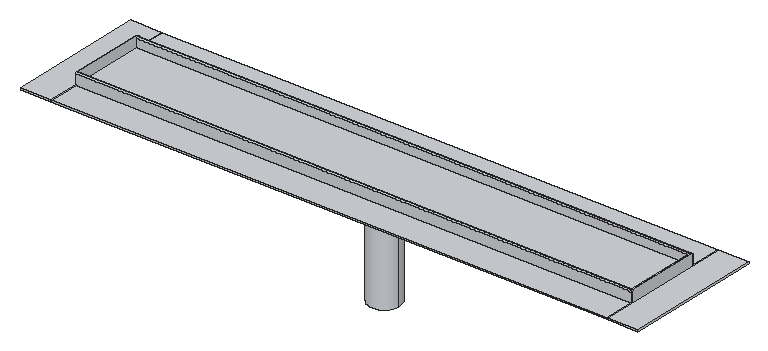
Revit family "RS775K.115.UDuschrinne", category Sanitärinstallationen, Revit 2020
Family settings
  Bemaßung runder Anschluss = Durchmesser verwenden
  Teiletyp = Normal
  Arbeitsebenenbasiert = Nein
  Immer vertikal = Ja
  Beim Laden mit Abzugskörper schneiden = Nein
  Gemeinsam genutzt = Nein
  Raumberechnungspunkt = Nein
Parameters (values of type "115mm Umlaufendem Kleberand")
  Übergangsbride [instance] = no
  umlaufender Kleberand [instance] = no
  Vorgabe-Ansicht = 0 mm
  Verdeckt [instance] = no
  Verbindungsbügel [instance] = L Links + L Rechts  # 1000 mm
  URL = "https://www.resitec.ch/"
  Seitenprofil Länge [instance] = 800 mm
  Rost innen ref [instance] = 10 mm
  Rinnen Tiefe [instance] = 67 mm  # constant formula
  Rinnen Breite rechts [instance] = 500 mm
  Rinnen Breite links [instance] = 500 mm
  Rand Seitlich [instance] = 50 mm
  RS_zargonref [instance] = if([1x Zarge], 3 mm, if([2x Zarge], 2 mm, if([3x Zarge], 1 mm, 7 mm)))  # 7 mm
  RS_sponref [instance] = 0
  RS_spRon [instance] = (RS_sponref = 2)  # no
  RS_spLon [instance] = (RS_sponref = 1)  # no
  RS_sFalz [instance] = 4.5 mm
  RS_s002 = 1.8 mm
  RS_s001 = 3 mm  # constant formula
  RS_rechtsKR [instance] = L Rechts + RS_KR  # 550 mm
  RS_1ZGSB [instance] = no
  RS_0xZGveron [instance] = yes
  RS_min80 [instance] = if(Rinnen Tiefe < 60 mm, 60 mm, Rinnen Tiefe)  # 67 mm
  RS_linksKR [instance] = L Links + RS_KR  # 550 mm
  RS_hts [instance] = 3 mm
  RS_gefun [instance] = 60 mm
  RS_gefob [instance] = 40 mm
  RS_dpschon [instance] = yes
  RS_dimmin95 [instance] = 100 mm
  RS_dimk001 = 115 mm  # constant formula
  RS_dim002ref [instance] = 0 mm
  RS_dim001 [instance] = if(Verdeckt, 2 mm, if(RS_zargonref = 1 mm, 2 mm, if(RS_zargonref = 2 mm, 20 mm, if(RS_zargonref = 3 mm, 2 mm, 20 mm))))  # 20 mm
  RS_dim002 [instance] = 20 mm
  RS_dim003 [instance] = 46 mm  # constant formula
  RS_diaRost [instance] = 2 mm
  RS_diaFalz [instance] = (RS_sFalz / 2) - 0.4 mm  # 1.85 mm
  RS_dia002 = 110 mm
  RS_dia001 = 227.5 mm
  RS_breite Rand [instance] = Rand Seitlich  # 50 mm
  RS_bSeitenpro [instance] = 20 mm
  RS_RohrL [instance] = if(Länge Rohr < RS_gefun, ((RS_gefun + 10 mm) - RS_gefob), Länge Rohr)  # 200 mm
  RS_RinneRon [instance] = yes
  RS_RinneLon [instance] = yes
  RS_LrechtsSeitenpro [instance] = Seitenprofil Länge  # 800 mm
  RS_LlinksSeitenpro [instance] = Seitenprofil Länge  # 800 mm
  RS_KRvorne [instance] = (Breite Aussen ref / 2) + 54.5 mm  # 112 mm
  RS_KRref [instance] = if([1x Zarge], 50 mm, (if([3x Zarge], 28 mm, (if(RS_3Zargon, 18 mm, 50 mm)))))  # 50 mm
  RS_KRr [instance] = yes
  RS_KRon [instance] = no
  RS_KRl [instance] = yes
  RS_KRhinten [instance] = if(RS_zargonref = 7 mm, (Breite Aussen ref / 2) + 54.5 mm, if(RS_zargonref = 1 mm, (Breite Aussen ref / 2) + 28 mm, if(RS_zargonref = 2 mm, (Breite Aussen ref / 2) + 54.5 mm, if(RS_zargonref = 3 mm, (Breite Aussen ref / 2) + 28 mm, 50 mm))))  # 112 mm
  RS_KR [instance] = 50 mm
  RS_HZarge [instance] = H Zarge  # 50 mm
  RS_DN2 = 0 mm
  RS_DN1d [instance] = D  # 48.5 mm
  RS_DN1 = 100 mm  # constant formula
  RS_URL = "https://resitec.ch/entwaesserungstechnik/entwaesserungsrinnen/"
  RS_Rost_Typ [instance] = ""
  RS_Manufacture = "Resitec"  # constant formula
  RS_Description [instance] = "verdeckt an Wand mit Auslaufkasten\r\n exzentrisch sowie mit Kleberand und Zarge"
  RS_Articelnumber [instance] = "Schlitzrinne"
  RS_2Zargon [instance] = no
  RS_3Zargon [instance] = no
  RS_1xZGverdref [instance] = if(RS_zargonref = 7 mm, 1, 0)  # 1
  RS_1xZGverdon [instance] = RS_1xZGverdref = 0  # no
  RS_1Zargon [instance] = if([1x Zarge], RS_zargonref < 4 mm, RS_zargonref = 1 mm)  # no
  RS_0xZGverdonref [instance] = if(Verdeckt, if([2x Zarge], 2 mm, 7 mm), 7 mm)  # 7 mm
  Länge Rohr [instance] = 200 mm
  L Rechts Innen ref [instance] = if(RS_2Zargon, L Rechts, L Rechts - RS_breite Rand)  # 450 mm
  L Rechts [instance] = Rinnen Breite rechts  # 500 mm
  L Links innen ref [instance] = if(RS_2Zargon, L Links, L Links - RS_breite Rand)  # 450 mm
  L Links [instance] = Rinnen Breite links  # 500 mm
  Hersteller = RS_Manufacture  # "Resitec"
  H Zarge [instance] = 50 mm  # constant formula
  D [instance] = 48.5 mm
  Breite Innen ref [instance] = 112 mm
  Breite Aussen ref [instance] = 115 mm
  Description = ""
  Baugruppenkennzeichen = "D2030300"
  B [instance] = L Links + L Rechts  # 1000 mm
  Anschlusswert DU L/s = 0
  A [instance] = L Links innen ref + L Rechts Innen ref  # 900 mm
  3x Zarge [instance] = no
  2x Zarge [instance] = no
  1x Zarge [instance] = no
Types (5, lengths in mm): name | Seitenprofil Länge | RS_zargonref | RS_sponref | RS_spLon | RS_rechtsKR | RS_1ZGSB | RS_0xZGveron | RS_linksKR | RS_dim001 | RS_LrechtsSeitenpro | RS_LlinksSeitenpro | RS_KRref | RS_KRhinten | RS_KR | RS_2Zargon | RS_1xZGverdref | RS_1xZGverdon | RS_1Zargon | L Rechts Innen ref | L Links innen ref | A | 3x Zarge | 2x Zarge | 1x Zarge
  (no name) | 800 | 7 | 0 | no | 550 | no | yes | 550 | 20 | 800 | 800 | 50 | 112 | 50 | no | 1 | no | no | 450 | 450 | 900 | no | no | no
  115mm Umlaufendem Kleberand | 800 | 7 | 0 | no | 550 | no | yes | 550 | 20 | 800 | 800 | 50 | 112 | 50 | no | 1 | no | no | 450 | 450 | 900 | no | no | no
  115mm Kleberand und an den Enden mit Zarge | 1000 | 2 | 0 | no | 528 | no | no | 528 | 20 | 1000 | 1000 | 50 | 112 | 28 | yes | 0 | yes | no | 500 | 500 | 1000 | no | yes | no
  115mm 1x Kleberand 3x Zarge | 1000 | 1 | 1 | yes | 548 | no | no | 548 | 2 | 1000 | 1000 | 28 | 85.5 | 48 | yes | 0 | yes | yes | 500 | 500 | 1000 | yes | no | no
  115mm 3x Kleberand 1x Zarge | 1000 | 3 | 0 | no | 550 | yes | yes | 550 | 2 | 1000 | 1000 | 50 | 85.5 | 50 | no | 0 | yes | yes | 450 | 450 | 900 | no | no | yes
Reference planes
  plane 1 "Mitte (Vorne/hinten)": y = 0
  plane 2: z = 0
  plane 3 "Mitte (Links/rechts)": x = 0
  plane 4: x = -500
  plane 5: x = 500
  plane 6: y = 57.5
  plane 7: y = -57.5
  plane 8 "Lsite": x = -450
  plane 9 "Rsite": x = 450
  plane 10 "ebeneKBlech": z = -20
  plane 11 "ebeneKBlechVAR": z = -20
  plane 12 "back": y = 112
  plane 13: x = 550
  plane 14 "KRfront": y = -112
  plane 15: x = -550
  plane 16: z = -200
  plane 17: x = -448.2
  plane 18: x = 448.2
  plane 19: z = -46
  plane 20 "min80": z = -67
  plane 21: z = 50
  plane 22: x = -470
  plane 23: x = 470
  plane 24 "FrontspL": y = -688
  plane 25 "FrontspR": y = -688
  plane 26: x = -400
  plane 27: x = 400
  plane 28: y = -62
  plane 29: y = 62
  plane 30: y = 56
  plane 31: y = -56
  plane 32: y = -59.75
  plane 33: y = 59.75
  plane 34: z = 67.613
  plane 35 "-20base": z = -20
  plane 36: x = 478
  plane 37: x = -478
  plane 38: z = -18.2
Forms (mm)
  Extrusion 1, solid
    sketch origin (0, 80.5, -20) x (-1, 0, 0) y (0, -1, 0)
      loop
        circle (0, 80.5) r 24.15
    from -180 to -26
  Extrusion 2, solid
    sketch origin (0, 0, 0) x (0, 1, 0) y (0, 0, 1)
      loop
        line (-57.5, -46) -> (57.5, -46) -> (57.5, -20) -> (62, -20) -> (62, -1.85)
        arc (62, -1.85) -> (61.458, -0.542) -> (60.15, 0) r 1.85
        line (60.15, 0) -> (59.35, 0)
        arc (59.35, 0) -> (58.042, -0.542) -> (57.5, -1.85) r 1.85
        line (57.5, -1.85) -> (57.5, -15) -> (-57.5, -15) -> (-57.5, -1.85)
        arc (-57.5, -1.85) -> (-58.042, -0.542) -> (-59.35, 0) r 1.85
        line (-59.35, 0) -> (-60.15, 0)
        arc (-60.15, 0) -> (-61.458, -0.542) -> (-62, -1.85) r 1.85
        line (-62, -1.85) -> (-62, -20) -> (-57.5, -20) -> (-57.5, -46)
    from -450 to 450
  Extrusion 3, solid
    sketch origin (0, 0, -20) x (-1, 0, 0) y (0, -1, 0)
      loop
        line (450, 59.75) -> (450, 112) -> (-450, 112) -> (-450, 59.75) -> (450, 59.75)
    from 0 to 1.8
  Extrusion 4, solid
    sketch origin (0, 0, -13) x (1, 0, 0) y (0, 1, 0)
      loop
        line (-450, 112) -> (-450, 59.75) -> (450, 59.75) -> (450, 112) -> (-450, 112)
    from -7 to -5.2
  Extrusion 5, solid, visible <- "RS_2Zargon"
    sketch origin (-450, 124.731, 1200) x (0, 1, 0) y (0, 0, 1)
      loop
        line (-12.731, -1150) -> (-236.731, -1150) -> (-236.731, -1220) -> (-12.731, -1220) -> (-12.731, -1150)
    from 0 to 1.8
  Extrusion 6, solid, visible <- "RS_2Zargon"
    sketch origin (748.2, 124.731, 1200) x (0, 1, 0) y (0, 0, 1)
      loop
        line (-12.731, -1150) -> (-236.731, -1150) -> (-236.731, -1220) -> (-12.731, -1220) -> (-12.731, -1150)
    from -300 to -298.2
  Extrusion 7, solid
    sketch origin (0, 0, -20) x (0, 1, 0) y (-1, 0, 0)
      loop
        line (59.75, 450) -> (-59.75, 450) -> (-59.75, 448.2) -> (59.75, 448.2) -> (59.75, 450)
    from 0 to 20
  Extrusion 8, solid
    sketch origin (0, 0, -20) x (0, 1, 0) y (-1, 0, 0)
      loop
        line (59.75, -448.2) -> (-59.75, -448.2) -> (-59.75, -450) -> (59.75, -450) -> (59.75, -448.2)
    from 0 to 20
  Extrusion 9, solid, visible <- "1x Zarge"
    sketch origin (-450, 124.731, 1200) x (0, 1, 0) y (0, 0, 1)
      loop
        line (-14.531, -1220) -> (-14.531, -1200.2) -> (-62.731, -1200.2) -> (-62.731, -1220) -> (-14.531, -1220)
    from 0 to 1.8
  Extrusion 10, solid, visible <- "RS_1ZGSB"
    sketch origin (748.2, 124.731, 1200) x (0, 1, 0) y (0, 0, 1)
      loop
        line (-14.531, -1220) -> (-14.531, -1200.2) -> (-62.731, -1200.2) -> (-62.731, -1220) -> (-14.531, -1220)
    from -300 to -298.2
  Extrusion 11, solid
    sketch origin (1598.2, 0, -20) x (0, 1, 0) y (-1, 0, 0)
      loop
        line (59.75, 1150) -> (-59.75, 1150) -> (-59.75, 1148.2) -> (59.75, 1148.2) -> (59.75, 1150)
    from 0 to 20
  Extrusion 12, solid, visible <- "RS_1Zargon"
    sketch origin (0, 0, 0) x (1, 0, 0) y (0, 1, 0)
      loop
        line (-450, 112) -> (-450, 110.2) -> (450, 110.2) -> (450, 112) -> (-450, 112)
    from 0 to 50
  Extrusion 13, solid, visible <- "RS_0xZGveron"
    sketch origin (0, 0, -20) x (0, 1, 0) y (-1, 0, 0)
      loop
        line (112, 500) -> (-112, 500) -> (-112, 450) -> (112, 450) -> (112, 500)
    from 0 to 2
  Extrusion 14, solid, visible <- "RS_0xZGveron"
    sketch origin (0, 0, -20) x (0, 1, 0) y (-1, 0, 0)
      loop
        line (112, -450) -> (-112, -450) -> (-112, -500) -> (112, -500) -> (112, -450)
    from 0 to 2
  Extrusion 15, solid, visible <- "RS_1ZGSB"
    sketch origin (0, 0, -20) x (0, 1, 0) y (-1, 0, 0)
      loop
        line (112, 500) -> (110.2, 500) -> (110.2, 450) -> (112, 450) -> (112, 500)
    from 0 to 70
  Extrusion 16, solid, visible <- "RS_1ZGSB"
    sketch origin (0, 0, -20) x (0, 1, 0) y (-1, 0, 0)
      loop
        line (112, -450) -> (110.2, -450) -> (110.2, -500) -> (112, -500) -> (112, -450)
    from 0 to 70
Dimensions and locks
  equal spacing: plane 7, plane 1 "Mitte (Vorne/hinten)", plane 6
  "Breite Aussen ref": plane 6 to plane 7
  "L Links innen ref": plane 8 "Lsite" to plane 3 "Mitte (Links/rechts)"
  "L Rechts Innen ref": plane 3 "Mitte (Links/rechts)" to plane 9 "Rsite"
  "RS_dim001": level to plane 10 "ebeneKBlech"
  "RS_dim002": level to plane 11 "ebeneKBlechVAR"
  "RS_linksKR": plane 15 to plane 3 "Mitte (Links/rechts)"
  "RS_rechtsKR": plane 3 "Mitte (Links/rechts)" to plane 13
  "RS_KRhinten": plane 1 "Mitte (Vorne/hinten)" to plane 12 "back"
  "RS_KRvorne": plane 14 "KRfront" to plane 1 "Mitte (Vorne/hinten)"
  "RS_s002": plane 8 "Lsite" to plane 17
  "RS_s002": plane 18 to plane 9 "Rsite"
  "RS_dim003": level to plane 19
  "Länge Rohr": level to plane 16
  "RS_min80": level to plane 20 "min80"
  "RS_HZarge": plane 21 to level
  "RS_bSeitenpro": plane 22 to plane 8 "Lsite"
  "RS_bSeitenpro": plane 9 "Rsite" to plane 23
  "RS_LlinksSeitenpro": plane 12 "back" to plane 24 "FrontspL"
  "RS_LrechtsSeitenpro": plane 12 "back" to plane 25 "FrontspR"
  "RS_KR": plane 8 "Lsite" to plane 26
  "RS_KR": plane 27 to plane 9 "Rsite"
  "RS_sFalz": plane 7 to plane 28
  "RS_sFalz": plane 29 to plane 6
  equal spacing: plane 30, plane 1 "Mitte (Vorne/hinten)", plane 31
  "Breite Innen ref": plane 30 to plane 31
  equal spacing: plane 29, plane 33, plane 6, locked at 2.25 each
  equal spacing: plane 7, plane 32, plane 28, locked at 2.25 each
  "RS_s002": Extrusion 3 to plane 11 "ebeneKBlechVAR"
  "RS_s002": Extrusion 4 to plane 10 "ebeneKBlech"
  level to Extrusion 2 sketch curve = 20 mm  (x2)
  level to Extrusion 2 sketch curve = 15 mm
  "RS_KR": plane 4 to plane 8 "Lsite"
  "RS_KR": plane 9 "Rsite" to plane 5
  plane 34 to plane 21 = 17.613 mm
  level to plane 35 "-20base" = 20 mm
  plane 9 "Rsite" to plane 36 = 28 mm
  plane 37 to plane 8 "Lsite" = 28 mm
  "RS_s002": plane 12 "back" to Extrusion 12 sketch curve
  "RS_s002": plane 38 to plane 11 "ebeneKBlechVAR"
  "RS_s002": plane 12 "back" to Extrusion 16 sketch curve
  diameter of Extrusion 1 sketch curve = 48.3 mm
  "RS_diaFalz": radius of Extrusion 2 sketch curve  (x4)
  aligned and locked: level to plane 2
  aligned and locked: Extrusion 1 to plane 16
  aligned and locked: Extrusion 2 sketch curve to plane 19
  aligned and locked: plane 28 to Extrusion 2 sketch curve
  aligned and locked: Extrusion 2 sketch curve to plane 29
  aligned and locked: Extrusion 2 sketch curve to level
  aligned and locked: level to Extrusion 2 sketch curve
  aligned and locked: plane 32 to Extrusion 3 sketch curve
  aligned and locked: Extrusion 3 sketch curve to Extrusion 2
  aligned and locked: Extrusion 3 sketch curve to plane 14 "KRfront"
  aligned and locked: Extrusion 3 sketch curve to plane 9 "Rsite"
  aligned and locked: plane 12 "back" to Extrusion 4
  aligned and locked: plane 33 to Extrusion 4
  aligned and locked: Extrusion 4 to plane 10 "ebeneKBlech"
  aligned and locked: Extrusion 4 to plane 8 "Lsite"
  aligned and locked: plane 9 "Rsite" to Extrusion 4
  aligned and locked: plane 19 to Extrusion 1
  aligned and locked: Extrusion 2 to plane 8 "Lsite"
  aligned and locked: plane 9 "Rsite" to Extrusion 2
  aligned and locked: Extrusion 5 sketch curve to Extrusion 3  (x2)
  aligned and locked: Extrusion 5 to plane 17
  aligned and locked: plane 12 "back" to Extrusion 6
  aligned and locked: plane 14 "KRfront" to Extrusion 6
  aligned and locked: Extrusion 6 to plane 18
  aligned and locked: plane 9 "Rsite" to Extrusion 6
  aligned and locked: Extrusion 5 to plane 8 "Lsite"
  aligned and locked: Extrusion 6 to plane 11 "ebeneKBlechVAR"
  aligned and locked: plane 21 to Extrusion 6
  aligned and locked: Extrusion 7 sketch curve to Extrusion 2
  aligned and locked: plane 17 to Extrusion 7 sketch curve
  aligned and locked: Extrusion 8 sketch curve to plane 18
  aligned and locked: Extrusion 8 sketch curve to Extrusion 2
  aligned and locked: Extrusion 7 to plane 33
  aligned and locked: plane 32 to Extrusion 8
  aligned and locked: Extrusion 8 to plane 11 "ebeneKBlechVAR"
  aligned and locked: plane 9 "Rsite" to Extrusion 8
  aligned and locked: plane 18 to Extrusion 8
  aligned and locked: level to Extrusion 7
  aligned and locked: level to Extrusion 8
  aligned and locked: plane 29 to Extrusion 9
  aligned and locked: Extrusion 9 to plane 17
  aligned and locked: plane 9 "Rsite" to Extrusion 10
  aligned and locked: plane 29 to Extrusion 10
  aligned and locked: Extrusion 10 to plane 18
  aligned and locked: plane 9 "Rsite" to Extrusion 11
  aligned and locked: plane 18 to Extrusion 11
  aligned and locked: Extrusion 12 sketch curve to plane 9 "Rsite"
  aligned and locked: Extrusion 12 to plane 8 "Lsite"
  aligned and locked: Extrusion 13 sketch curve to plane 12 "back"
  aligned and locked: plane 4 to Extrusion 13 sketch curve
  aligned and locked: Extrusion 13 sketch curve to Extrusion 3
  aligned and locked: Extrusion 13 sketch curve to Extrusion 5
  aligned and locked: Extrusion 14 sketch curve to Extrusion 4
  aligned and locked: Extrusion 14 sketch curve to Extrusion 6
  aligned and locked: Extrusion 14 sketch curve to plane 14 "KRfront"
  aligned and locked: Extrusion 14 sketch curve to plane 5
  aligned and locked: Extrusion 15 sketch curve to Extrusion 13  (x2)
  aligned and locked: Extrusion 15 sketch curve to Extrusion 12
  aligned and locked: Extrusion 15 sketch curve to Extrusion 9
  aligned and locked: Extrusion 16 sketch curve to Extrusion 4
  aligned and locked: Extrusion 6 to Extrusion 16 sketch curve
  aligned and locked: Extrusion 16 sketch curve to plane 5
  aligned and locked: plane 21 to Extrusion 16
  aligned and locked: Extrusion 16 to plane 11 "ebeneKBlechVAR"
  aligned and locked: plane 21 to Extrusion 15
  aligned and locked: Extrusion 15 to plane 11 "ebeneKBlechVAR"
Automatic sketch dimensions
  plane 1 "Mitte (Vorne/hinten)" to Extrusion 1 sketch curve = 0 mm
  Extrusion 1 sketch curve to plane 3 "Mitte (Links/rechts)" = 0 mm
  Extrusion 4 sketch curve to plane 8 "Lsite" = 0 mm
  Extrusion 4 sketch curve to plane 9 "Rsite" = 0 mm
  plane 33 to Extrusion 4 sketch curve = 0 mm
  Extrusion 4 sketch curve to plane 12 "back" = 0 mm
  Extrusion 6 sketch curve to plane 14 "KRfront" = 0 mm
  Extrusion 6 sketch curve to plane 11 "ebeneKBlechVAR" = 0 mm
  Extrusion 6 sketch curve to plane 12 "back" = 0 mm
  Extrusion 6 sketch curve to plane 21 = 0 mm
  plane 32 to Extrusion 7 sketch curve = 0 mm
  plane 33 to Extrusion 7 sketch curve = 0 mm
  plane 32 to Extrusion 8 sketch curve = 0 mm
  plane 33 to Extrusion 8 sketch curve = 0 mm
  Extrusion 9 sketch curve to plane 10 "ebeneKBlech" = 0 mm
  Extrusion 9 sketch curve to plane 29 = 0 mm
  Extrusion 9 sketch curve to level = 0.2 mm
  Extrusion 10 sketch curve to plane 10 "ebeneKBlech" = 0 mm
  Extrusion 10 sketch curve to plane 29 = 0 mm
  Extrusion 10 sketch curve to level = 0.2 mm
  Extrusion 10 sketch curve to plane 12 "back" = 1.8 mm
  Extrusion 11 sketch curve to plane 18 = 0 mm
  plane 32 to Extrusion 11 sketch curve = 0 mm
  plane 33 to Extrusion 11 sketch curve = 0 mm
  Extrusion 11 sketch curve to plane 9 "Rsite" = 0 mm
  Extrusion 12 sketch curve to plane 8 "Lsite" = 0 mm
  Extrusion 9 sketch curve to plane 12 "back" = 1.8 mm
  Extrusion 5 sketch curve to plane 12 "back" = 0 mm
  Extrusion 5 sketch curve to plane 21 = 0 mm
  Extrusion 12 sketch curve to plane 12 "back" = 0 mm
  Extrusion 2 sketch curve to plane 7 = 0 mm  (x2)
  Extrusion 2 sketch curve to plane 6 = 0 mm  (x2)
